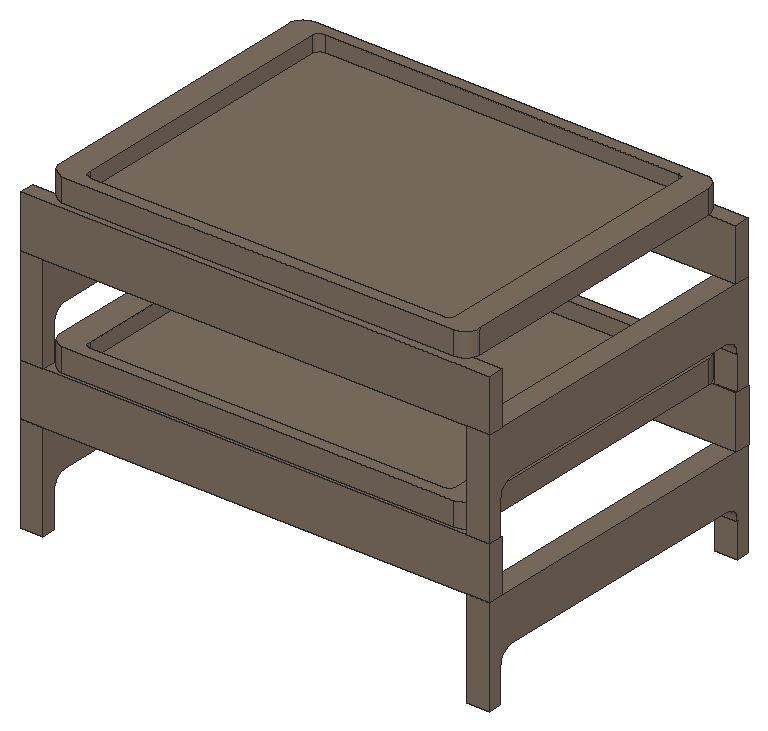
Revit family "Tray_Rack_CB-33_BIM", category Arredi, Revit 2023
Family settings
  Numero OmniClass = 23.40.20.00
  Titolo OmniClass = General Furniture and Specialties
  Basato su piano di lavoro = No
  Attiva taglio nelle viste = No
  Sempre verticale = Sì
  Taglio con vuoti quando caricato = No
  Origine composizione di rendering = Geometria famiglia
  Condiviso = No
  Punto di calcolo locali = No
Parameters (values of type "CB-33")
  WIDTH = 625 mm
  URL = "https://bassamfellows.com/"
  TECHNICAL SHEET = "https://bassamfellows.com/collections/tray-rack-side-table"
  STRUCTURE MATERIAL = BASSAM_FELLOWS_WALNUT_BLACK_OIL_W-BO
  PRODUCT SHEET = "https://www.archiproducts.com/en/products/bassamfellows/solid-wood-side-table-with-removable-trays-tray-rack_448117"
  PRODUCT CODE = "CB-33"
  Modello = "Tray Rack Side Table"
  Produttore = "BassamFellows"
  MATERIAL DESCRIPTION = "Carved, solid wood. Solid brass tray supports."
  HEIGHT = 435 mm
  Descrizione = "Solid wood side table with removable trays"
  Prospetto di default = 0 mm
  DEPTH = 430 mm
  COLLECTION = "Tray Rack"
  CB-12 [instance] = yes
  BIM USER MANUAL = "https://bimcad.edilportale.com/BASSAMFELLOWS-BIM-USER-MANUAL-BassamFellows-bim.pdf"
  BIM BADGE = "https://bim.archiproducts.com/it/badge/bim-archiproducts-featured_658700/about"
  BIM AUTHOR = "https://bim.archiproducts.com/"
  BASE MATERIAL = BASSAM_FELLOWS_WALNUT_BLACK_OIL_W-BO
  AVAILABLE FINISHES = "Ebonized black lacquer on Ash (EB) or bleached, white pigment, matte acrylic on Ash (BL). Raw effect lacquer on Oak (RE). Hand rubbed natural oil on Oak or Walnut (NA), or hand rubbed black oil on Walnut (BO)."
  AVAILABLE DIMENSIONS = ""
  AVAILABLE COLORS = ""
  ACCESSORIES = ""
Reference planes
  plane 1 "Center (Front/Back)": y = 0
  plane 2: z = 0
  plane 3 "Center (Left/Right)": x = 0
  plane 4 "TOP": z = 435
  plane 5 "SX": x = -312.5
  plane 6 "DX": x = 312.5
  plane 7 "BACK": y = 215
  plane 8 "FRONT": y = -215
Forms (mm)
  Extrusion 1, solid, not visible
    sketch origin (314.943, -207.5, 0) x (-1, 0, 0) y (0, 0, 1)
      loop
        line (794.943, 399) -> (819.091, 310) -> (863.645, 310) -> (842.502, 387.928)
        arc (842.502, 387.928) -> (837.138, 395.915) -> (828.025, 399) r 15
        line (828.025, 399) -> (794.943, 399)
    from 0 to 415
  Blend 2, solid, not visible, detail levels fine
    base sketch origin (29.864, 0, -5.191) x (1, 0, 0.000401) y (0, 1, 0)
      loop
        line (-496.501, -245.5) -> (-496.501, -207.5) -> (-562.246, -207.5) -> (-562.246, -225.5)
        arc (-562.246, -225.5) -> (-556.388, -239.642) -> (-542.246, -245.5) r 20
        line (-542.246, -245.5) -> (-496.501, -245.5)
    top sketch origin (29.864, 0, -5.191) x (1, 0, 0.000401) y (0, 1, 0)
      loop
        arc (-374.739, -225.5) -> (-368.881, -239.642) -> (-354.739, -245.5) r 20
        line (-354.739, -245.5) -> (-308.994, -245.5) -> (-308.994, -207.5) -> (-374.739, -207.5) -> (-374.739, -225.5)
    from 0 to 695.202
  Blend 3, solid, not visible, detail levels fine
    base sketch origin (29.864, 0, -5.191) x (1, 0, 0.000401) y (0, 1, 0)
      loop
        line (-496.501, 245.5) -> (-542.246, 245.5)
        arc (-542.246, 245.5) -> (-556.388, 239.642) -> (-562.246, 225.5) r 20
        line (-562.246, 225.5) -> (-562.246, 207.5) -> (-496.501, 207.5) -> (-496.501, 245.5)
    top sketch origin (29.864, 0, -5.191) x (1, 0, 0.000401) y (0, 1, 0)
      loop
        line (-374.739, 225.5) -> (-374.739, 207.5) -> (-308.994, 207.5) -> (-308.994, 245.5) -> (-354.739, 245.5)
        arc (-354.739, 245.5) -> (-368.881, 239.642) -> (-374.739, 225.5) r 20
    from 0 to 695.202
  Blend 4, solid, not visible, detail levels fine
    base sketch origin (29.864, 0, -5.191) x (1, 0, 0.000401) y (0, 1, 0)
      loop
        line (-496.501, -245.5) -> (-496.501, -207.5) -> (-562.246, -207.5) -> (-562.246, -225.5)
        arc (-562.246, -225.5) -> (-556.388, -239.642) -> (-542.246, -245.5) r 20
        line (-542.246, -245.5) -> (-496.501, -245.5)
    top sketch origin (29.864, 0, -5.191) x (1, 0, 0.000401) y (0, 1, 0)
      loop
        arc (-374.739, -225.5) -> (-368.881, -239.642) -> (-354.739, -245.5) r 20
        line (-354.739, -245.5) -> (-308.994, -245.5) -> (-308.994, -207.5) -> (-374.739, -207.5) -> (-374.739, -225.5)
    from 0 to 695.202
  Blend 5, solid, not visible, detail levels fine
    base sketch origin (29.864, 0, -5.191) x (1, 0, 0.000401) y (0, 1, 0)
      loop
        line (-496.501, 245.5) -> (-542.246, 245.5)
        arc (-542.246, 245.5) -> (-556.388, 239.642) -> (-562.246, 225.5) r 20
        line (-562.246, 225.5) -> (-562.246, 207.5) -> (-496.501, 207.5) -> (-496.501, 245.5)
    top sketch origin (29.864, 0, -5.191) x (1, 0, 0.000401) y (0, 1, 0)
      loop
        line (-374.739, 225.5) -> (-374.739, 207.5) -> (-308.994, 207.5) -> (-308.994, 245.5) -> (-354.739, 245.5)
        arc (-354.739, 245.5) -> (-368.881, 239.642) -> (-374.739, 225.5) r 20
    from 0 to 695.202
  Extrusion 6, solid, detail levels medium
    sketch origin (0, 0, 0) x (1, 0, 0) y (0, 1, 0)
      loop
        line (-312.5, 215) -> (-312.5, -215) -> (312.5, -215) -> (312.5, 215) -> (-312.5, 215)
    from 0 to 435
  Extrusion 7, solid, material "BASSAM_FELLOWS_WALNUT_BLACK_OIL_W-BO" <- "BASE MATERIAL", detail levels fine
    sketch origin (0, -215, 0) x (1, 0, 0) y (0, 0, 1)
      loop
        line (313, 400) -> (-313, 400) -> (-313, 330) -> (313, 330) -> (313, 400)
      loop
        line (313, 130) -> (313, 200) -> (-313, 200) -> (-313, 130) -> (313, 130)
    from 0 to -20
  Extrusion 8, solid, material "BASSAM_FELLOWS_WALNUT_BLACK_OIL_W-BO" <- "BASE MATERIAL", detail levels fine
    sketch origin (0, 215, 0) x (-1, 0, 0) y (0, 0, 1)
      loop
        line (-313, 400) -> (-313, 330) -> (313, 330) -> (313, 400) -> (-313, 400)
      loop
        line (-313, 130) -> (313, 130) -> (313, 200) -> (-313, 200) -> (-313, 130)
    from 0 to -20
  Extrusion 9, solid, material "BASSAM_FELLOWS_WALNUT_BLACK_OIL_W-BO" <- "BASE MATERIAL", detail levels fine
    sketch origin (-312.5, 0, 0) x (0, 1, 0) y (0, 0, 1)
      loop
        line (-177.5, 265) -> (177.5, 265)
        arc (177.5, 265) -> (191.642, 259.142) -> (197.5, 245) r 20
        line (197.5, 245) -> (197.5, 200) -> (215, 200) -> (215, 330) -> (-215, 330) -> (-215, 200) -> (-197.5, 200) -> (-197.5, 245)
        arc (-197.5, 245) -> (-191.642, 259.142) -> (-177.5, 265) r 20
      loop
        line (-177.5, 65) -> (177.5, 65)
        arc (177.5, 65) -> (191.642, 59.142) -> (197.5, 45) r 20
        line (197.5, 45) -> (197.5, 0) -> (215, 0) -> (215, 130) -> (-215, 130) -> (-215, 0) -> (-197.5, 0) -> (-197.5, 45)
        arc (-197.5, 45) -> (-191.642, 59.142) -> (-177.5, 65) r 20
    from 0 to 30
  Extrusion 10, solid, material "BASSAM_FELLOWS_WALNUT_BLACK_OIL_W-BO" <- "BASE MATERIAL", detail levels fine
    sketch origin (312.5, 0, 0) x (0, 1, 0) y (0, 0, 1)
      loop
        line (-177.5, 265) -> (177.5, 265)
        arc (177.5, 265) -> (191.642, 259.142) -> (197.5, 245) r 20
        line (197.5, 245) -> (197.5, 200) -> (215, 200) -> (215, 330) -> (-215, 330) -> (-215, 200) -> (-197.5, 200) -> (-197.5, 245)
        arc (-197.5, 245) -> (-191.642, 259.142) -> (-177.5, 265) r 20
      loop
        line (-177.5, 65) -> (177.5, 65)
        arc (177.5, 65) -> (191.642, 59.142) -> (197.5, 45) r 20
        line (197.5, 45) -> (197.5, 0) -> (215, 0) -> (215, 130) -> (-215, 130) -> (-215, 0) -> (-197.5, 0) -> (-197.5, 45)
        arc (-197.5, 45) -> (-191.642, 59.142) -> (-177.5, 65) r 20
    from 0 to -30
  Extrusion 11, solid, material "BASSAM_FELLOWS_WALNUT_BLACK_OIL_W-BO" <- "BASE MATERIAL", visible <- "CB-12", detail levels fine
    sketch origin (562.5, 0, 395.339) x (-1, 0, 0) y (0, -1, 0)
      loop
        arc (823.724, -210) -> (836.925, -203.672) -> (842.5, -190.136) r 20.424
        line (842.5, -190.136) -> (842.5, 190.136)
        arc (842.5, 190.136) -> (836.925, 203.672) -> (823.724, 210) r 20.424
        line (823.724, 210) -> (301.276, 210)
        arc (301.276, 210) -> (288.075, 203.672) -> (282.5, 190.136) r 20.424
        line (282.5, 190.136) -> (282.5, -190.136)
        arc (282.5, -190.136) -> (288.075, -203.672) -> (301.276, -210) r 20.424
        line (301.276, -210) -> (823.724, -210)
      loop
        arc (807.5, 185.01) -> (804.571, 192.081) -> (797.5, 195.01) r 10
        line (797.5, 195.01) -> (327.5, 195.01)
        arc (327.5, 195.01) -> (320.429, 192.081) -> (317.5, 185.01) r 10
        line (317.5, 185.01) -> (317.5, -185.01)
        arc (317.5, -185.01) -> (320.429, -192.081) -> (327.5, -195.01) r 10
        line (327.5, -195.01) -> (797.5, -195.01)
        arc (797.5, -195.01) -> (804.571, -192.081) -> (807.5, -185.01) r 10
        line (807.5, -185.01) -> (807.5, 185.01)
    from 8.505 to 39.661
  Extrusion 12, solid, material "BASSAM_FELLOWS_WALNUT_BLACK_OIL_W-BO" <- "BASE MATERIAL", visible <- "CB-12", detail levels fine
    sketch origin (562.5, 0, 395.339) x (-1, 0, 0) y (0, -1, 0)
      loop
        line (807.5, -185.01) -> (807.5, 185.01)
        arc (807.5, 185.01) -> (804.571, 192.081) -> (797.5, 195.01) r 10
        line (797.5, 195.01) -> (327.5, 195.01)
        arc (327.5, 195.01) -> (320.429, 192.081) -> (317.5, 185.01) r 10
        line (317.5, 185.01) -> (317.5, -185.01)
        arc (317.5, -185.01) -> (320.429, -192.081) -> (327.5, -195.01) r 10
        line (327.5, -195.01) -> (797.5, -195.01)
        arc (797.5, -195.01) -> (804.571, -192.081) -> (807.5, -185.01) r 10
    from 19.144 to 8.505
  Extrusion 13, solid, material "BASSAM_FELLOWS_WALNUT_BLACK_OIL_W-BO" <- "BASE MATERIAL", visible <- "CB-12", detail levels fine
    sketch origin (562.5, 0, 191.589) x (-1, 0, 0) y (0, -1, 0)
      loop
        arc (823.724, -210) -> (836.925, -203.672) -> (842.5, -190.136) r 20.424
        line (842.5, -190.136) -> (842.5, 190.136)
        arc (842.5, 190.136) -> (836.925, 203.672) -> (823.724, 210) r 20.424
        line (823.724, 210) -> (301.276, 210)
        arc (301.276, 210) -> (288.075, 203.672) -> (282.5, 190.136) r 20.424
        line (282.5, 190.136) -> (282.5, -190.136)
        arc (282.5, -190.136) -> (288.075, -203.672) -> (301.276, -210) r 20.424
        line (301.276, -210) -> (823.724, -210)
      loop
        arc (807.5, 185.01) -> (804.571, 192.081) -> (797.5, 195.01) r 10
        line (797.5, 195.01) -> (327.5, 195.01)
        arc (327.5, 195.01) -> (320.429, 192.081) -> (317.5, 185.01) r 10
        line (317.5, 185.01) -> (317.5, -185.01)
        arc (317.5, -185.01) -> (320.429, -192.081) -> (327.5, -195.01) r 10
        line (327.5, -195.01) -> (797.5, -195.01)
        arc (797.5, -195.01) -> (804.571, -192.081) -> (807.5, -185.01) r 10
        line (807.5, -185.01) -> (807.5, 185.01)
    from 8.505 to 39.661
  Extrusion 14, solid, material "BASSAM_FELLOWS_WALNUT_BLACK_OIL_W-BO" <- "BASE MATERIAL", visible <- "CB-12", detail levels fine
    sketch origin (562.5, 0, 191.589) x (-1, 0, 0) y (0, -1, 0)
      loop
        line (807.5, -185.01) -> (807.5, 185.01)
        arc (807.5, 185.01) -> (804.571, 192.081) -> (797.5, 195.01) r 10
        line (797.5, 195.01) -> (327.5, 195.01)
        arc (327.5, 195.01) -> (320.429, 192.081) -> (317.5, 185.01) r 10
        line (317.5, 185.01) -> (317.5, -185.01)
        arc (317.5, -185.01) -> (320.429, -192.081) -> (327.5, -195.01) r 10
        line (327.5, -195.01) -> (797.5, -195.01)
        arc (797.5, -195.01) -> (804.571, -192.081) -> (807.5, -185.01) r 10
    from 19.144 to 8.505
Lines and regions (mm)
  symbolic lines, detail levels coarse
    curve 1: line (-312.5, 215, 0) -> (312.5, 215, 0)
    curve 2: line (-312.5, -215, 0) -> (-312.5, 215, 0)
    curve 3: line (312.5, -215, 0) -> (-312.5, -215, 0)
    curve 4: line (312.5, 215, 0) -> (312.5, -215, 0)
    curve 5: line (-312.5, 215, 435) -> (312.5, 215, 435)
    curve 6: line (-312.5, -215, 435) -> (-312.5, 215, 435)
    curve 7: line (312.5, -215, 435) -> (-312.5, -215, 435)
    curve 8: line (312.5, 215, 435) -> (312.5, -215, 435)
Dimensions and locks
  "HEIGHT": plane 4 "TOP" to plane 2
  equal spacing: plane 5 "SX", plane 3 "Center (Left/Right)", plane 6 "DX"
  equal spacing: plane 7 "BACK", plane 1 "Center (Front/Back)", plane 8 "FRONT"
  "DEPTH": plane 7 "BACK" to plane 8 "FRONT"
  "WIDTH": plane 5 "SX" to plane 6 "DX"
  aligned and locked: level to plane 2
  aligned and locked: Blend 2 sketch curve to var sketch
  aligned and locked: Blend 3 sketch curve to var sketch
  aligned and locked: Blend 4 sketch curve to var sketch
  aligned and locked: Blend 5 sketch curve to var sketch
  aligned and locked: Extrusion 6 sketch curve to curve 1
  aligned and locked: Extrusion 6 sketch curve to curve 2
  aligned and locked: Extrusion 6 sketch curve to curve 3
  aligned and locked: Extrusion 6 sketch curve to curve 4
  aligned and locked: plane 4 "TOP" to Extrusion 6
  aligned and locked: plane 7 "BACK" to Extrusion 9
Automatic sketch dimensions
  Extrusion 1 sketch curve to Extrusion 1 sketch curve = 24.147 mm
  Extrusion 1 sketch curve to Extrusion 1 sketch curve = 33.082 mm
  Extrusion 1 sketch curve to Extrusion 1 sketch curve = 14.477 mm
  Extrusion 1 sketch curve to Extrusion 1 sketch curve = 44.555 mm
  Extrusion 1 sketch curve to Extrusion 1 sketch curve = 74 mm
  Extrusion 1 sketch curve to Extrusion 1 sketch curve = 3.928 mm
  Blend 2 sketch curve to Blend 2 sketch curve = 20 mm  (x2)
  Blend 2 sketch curve to Blend 2 sketch curve = 45.746 mm  (x2)
  Blend 3 sketch curve to Blend 3 sketch curve = 20 mm  (x2)
  Blend 3 sketch curve to Blend 3 sketch curve = 45.746 mm  (x2)
  Blend 2 sketch curve to Blend 2 sketch curve = 18 mm
  Blend 2 sketch curve to Blend 2 sketch curve = 38 mm
  Blend 3 sketch curve to Blend 3 sketch curve = 18 mm
  Blend 3 sketch curve to Blend 3 sketch curve = 38 mm
  Blend 4 sketch curve to Blend 4 sketch curve = 20 mm  (x2)
  Blend 4 sketch curve to Blend 4 sketch curve = 45.746 mm  (x2)
  Blend 5 sketch curve to Blend 5 sketch curve = 20 mm  (x2)
  Blend 5 sketch curve to Blend 5 sketch curve = 45.746 mm  (x2)
  Blend 4 sketch curve to Blend 4 sketch curve = 18 mm
  Blend 4 sketch curve to Blend 4 sketch curve = 38 mm
  Blend 5 sketch curve to Blend 5 sketch curve = 18 mm
  Blend 5 sketch curve to Blend 5 sketch curve = 38 mm
  curve 3 to plane 5 "SX" = 0 mm
  curve 3 to plane 6 "DX" = 0 mm
  plane 8 "FRONT" to curve 3 = 0 mm
  curve 2 to plane 7 "BACK" = 0 mm
  curve 5 to plane 6 "DX" = 0 mm
  curve 7 to plane 5 "SX" = 0 mm
  curve 5 to plane 7 "BACK" = 0 mm
  plane 8 "FRONT" to curve 7 = 0 mm
  Extrusion 7 sketch curve to plane 5 "SX" = 0.5 mm  (x2)
  plane 6 "DX" to Extrusion 7 sketch curve = 0.5 mm  (x2)
  level to Extrusion 7 sketch curve = 130 mm
  Extrusion 7 sketch curve to Extrusion 7 sketch curve = 70 mm
  Extrusion 7 sketch curve to plane 4 "TOP" = 105 mm
  Extrusion 7 sketch curve to plane 4 "TOP" = 35 mm
  plane 6 "DX" to Extrusion 8 sketch curve = 0.5 mm  (x2)
  Extrusion 8 sketch curve to plane 5 "SX" = 0.5 mm  (x2)
  level to Extrusion 8 sketch curve = 130 mm
  Extrusion 8 sketch curve to Extrusion 8 sketch curve = 70 mm
  Extrusion 8 sketch curve to plane 4 "TOP" = 105 mm
  Extrusion 8 sketch curve to plane 4 "TOP" = 35 mm
  Extrusion 9 sketch curve to plane 8 "FRONT" = 0 mm  (x2)
  Extrusion 9 sketch curve to level = 0 mm  (x2)
  Extrusion 9 sketch curve to plane 7 "BACK" = 0 mm  (x2)
  Extrusion 9 sketch curve to plane 8 "FRONT" = 17.5 mm
  Extrusion 9 sketch curve to Extrusion 9 sketch curve = 17.5 mm
  Extrusion 9 sketch curve to Extrusion 9 sketch curve = 20 mm  (x2)
  Extrusion 9 sketch curve to plane 7 "BACK" = 37.5 mm  (x2)
  Extrusion 9 sketch curve to plane 7 "BACK" = 17.5 mm  (x2)
  level to Extrusion 9 sketch curve = 45 mm
  Extrusion 9 sketch curve to Extrusion 9 sketch curve = 65 mm  (x2)
  Extrusion 9 sketch curve to Extrusion 9 sketch curve = 70 mm  (x2)
  Extrusion 9 sketch curve to Extrusion 9 sketch curve = 45 mm
  Extrusion 10 sketch curve to plane 8 "FRONT" = 0 mm  (x2)
  Extrusion 10 sketch curve to level = 0 mm  (x2)
  Extrusion 10 sketch curve to plane 7 "BACK" = 0 mm  (x2)
  Extrusion 10 sketch curve to plane 8 "FRONT" = 17.5 mm
  Extrusion 10 sketch curve to Extrusion 10 sketch curve = 17.5 mm
  Extrusion 10 sketch curve to Extrusion 10 sketch curve = 20 mm  (x2)
  Extrusion 10 sketch curve to plane 7 "BACK" = 37.5 mm  (x2)
  Extrusion 10 sketch curve to plane 7 "BACK" = 17.5 mm  (x2)
  level to Extrusion 10 sketch curve = 45 mm
  Extrusion 10 sketch curve to Extrusion 10 sketch curve = 65 mm  (x2)
  Extrusion 10 sketch curve to Extrusion 10 sketch curve = 70 mm  (x2)
  Extrusion 10 sketch curve to Extrusion 10 sketch curve = 45 mm
  Extrusion 11 sketch curve to plane 6 "DX" = 32.5 mm
  Extrusion 11 sketch curve to plane 7 "BACK" = 5 mm
  Extrusion 11 sketch curve to Extrusion 11 sketch curve = 18.776 mm  (x2)
  Extrusion 11 sketch curve to plane 8 "FRONT" = 5 mm
  Extrusion 11 sketch curve to Extrusion 11 sketch curve = 20.418 mm  (x2)
  Extrusion 11 sketch curve to Extrusion 11 sketch curve = 1.643 mm  (x3)
  Extrusion 11 sketch curve to Extrusion 11 sketch curve = 14.582 mm  (x3)
  Extrusion 11 sketch curve to Extrusion 11 sketch curve = 10 mm  (x3)
  Extrusion 11 sketch curve to plane 8 "FRONT" = 19.99 mm
  plane 5 "SX" to Extrusion 11 sketch curve = 77.5 mm  (x2)
  Extrusion 11 sketch curve to plane 7 "BACK" = 19.99 mm
  Extrusion 11 sketch curve to plane 7 "BACK" = 24.864 mm  (x2)
  Extrusion 11 sketch curve to Extrusion 11 sketch curve = 4.632 mm  (x2)
  Extrusion 12 sketch curve to plane 6 "DX" = 67.5 mm
  Extrusion 12 sketch curve to Extrusion 12 sketch curve = 10 mm  (x3)
  Extrusion 12 sketch curve to plane 7 "BACK" = 29.99 mm
  plane 5 "SX" to Extrusion 12 sketch curve = 77.5 mm  (x2)
  Extrusion 12 sketch curve to plane 8 "FRONT" = 19.99 mm
  Extrusion 13 sketch curve to plane 6 "DX" = 32.5 mm
  Extrusion 13 sketch curve to plane 7 "BACK" = 5 mm
  Extrusion 13 sketch curve to Extrusion 13 sketch curve = 18.776 mm  (x2)
  Extrusion 13 sketch curve to plane 8 "FRONT" = 5 mm
  Extrusion 13 sketch curve to Extrusion 13 sketch curve = 20.418 mm  (x2)
  Extrusion 13 sketch curve to Extrusion 13 sketch curve = 1.643 mm  (x3)
  Extrusion 13 sketch curve to Extrusion 13 sketch curve = 14.582 mm  (x3)
  Extrusion 13 sketch curve to Extrusion 13 sketch curve = 10 mm  (x3)
  Extrusion 13 sketch curve to plane 8 "FRONT" = 19.99 mm
  plane 5 "SX" to Extrusion 13 sketch curve = 77.5 mm  (x2)
  Extrusion 13 sketch curve to plane 7 "BACK" = 19.99 mm
  Extrusion 13 sketch curve to plane 7 "BACK" = 24.864 mm  (x2)
  Extrusion 13 sketch curve to Extrusion 13 sketch curve = 4.632 mm  (x2)
  Extrusion 14 sketch curve to plane 6 "DX" = 67.5 mm
  Extrusion 14 sketch curve to Extrusion 14 sketch curve = 10 mm  (x3)
  Extrusion 14 sketch curve to plane 7 "BACK" = 29.99 mm
  plane 5 "SX" to Extrusion 14 sketch curve = 77.5 mm  (x2)
  Extrusion 14 sketch curve to plane 8 "FRONT" = 19.99 mm
Nested families
  nested 1: "Family1" at (-400, 0, 0), type "Family1", not visible, detail levels fine
    with L 415 mm
Definition of nested family "Family1"
  Parameters
    L [instance] = 415 mm
    Default Elevation = 0 mm
  Reference planes
    plane 1 "Center (Front/Back)": y = 0
    plane 2: z = 0
    plane 3 "Center (Left/Right)": x = 0
    plane 4: y = 207.5
    plane 5: y = -207.5
  Forms (mm)
    Extrusion 1, solid
      sketch origin (828.025, -207.5, 0) x (-1, 0, 0) y (0, 0, 1)
        loop
          line (794.943, 399) -> (819.091, 310) -> (863.645, 310) -> (842.502, 387.928)
          arc (842.502, 387.928) -> (837.138, 395.915) -> (828.025, 399) r 15
          line (828.025, 399) -> (794.943, 399)
      from 0 to 415
  Dimensions and locks
    "L": plane 4 to plane 5
    aligned and locked: level to plane 2
  Automatic sketch dimensions
    Extrusion 1 sketch curve to plane 3 "Center (Left/Right)" = 0 mm
    plane 3 "Center (Left/Right)" to Extrusion 1 sketch curve = 8.935 mm
    plane 3 "Center (Left/Right)" to Extrusion 1 sketch curve = 33.082 mm
    Extrusion 1 sketch curve to plane 3 "Center (Left/Right)" = 14.477 mm
    Extrusion 1 sketch curve to plane 3 "Center (Left/Right)" = 35.62 mm
    level to Extrusion 1 sketch curve = 310 mm
    Extrusion 1 sketch curve to Extrusion 1 sketch curve = 74 mm
    Extrusion 1 sketch curve to Extrusion 1 sketch curve = 3.928 mm
